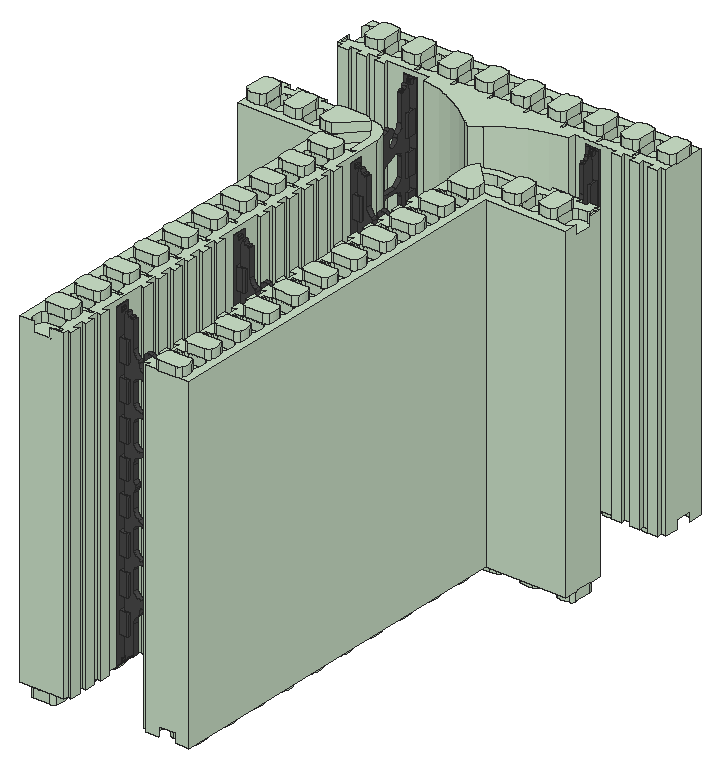
Revit family (continued)
Definition of nested family "NUDURA Diamond Pattern"
  Lines and regions (mm)
    model lines
      curve 84: arc (85.183, -142.875, 254.385) -> (82.394, -142.875, 247.65) -> (85.183, -142.875, 240.915) r 9.525
      curve 85: line (93.906, -142.875, 263.108) -> (85.183, -142.875, 254.385)
      curve 86: arc (105.934, -142.875, 261.665) -> (101.444, -142.875, 263.525) -> (96.953, -142.875, 261.665) r 6.35
      curve 87: line (96.953, -142.875, 261.665) -> (87.428, -142.875, 252.14)
      curve 88: arc (87.428, -142.875, 252.14) -> (85.569, -142.875, 247.65) -> (87.428, -142.875, 243.16) r 6.35
      curve 89: line (87.428, -142.875, 243.16) -> (96.953, -142.875, 233.635)
      curve 90: arc (96.953, -142.875, 233.635) -> (101.444, -142.875, 231.775) -> (105.934, -142.875, 233.635) r 6.35
      curve 91: line (105.934, -142.875, 233.635) -> (115.459, -142.875, 243.16)
      curve 92: arc (115.459, -142.875, 243.16) -> (117.319, -142.875, 247.65) -> (115.459, -142.875, 252.14) r 6.35
      curve 93: line (115.459, -142.875, 252.14) -> (105.934, -142.875, 261.665)
      curve 94: arc (93.906, -142.875, 225.008) -> (95.394, -142.875, 228.6) -> (93.906, -142.875, 232.192) r 5.08
      curve 95: line (117.704, -142.875, 216.285) -> (108.981, -142.875, 225.008)
      curve 96: arc (117.704, -142.875, 202.815) -> (120.494, -142.875, 209.55) -> (117.704, -142.875, 216.285) r 9.525
      curve 97: line (108.981, -142.875, 194.092) -> (117.704, -142.875, 202.815)
      curve 98: line (85.183, -142.875, 202.815) -> (93.906, -142.875, 194.092)
      curve 99: arc (85.183, -142.875, 216.285) -> (82.394, -142.875, 209.55) -> (85.183, -142.875, 202.815) r 9.525
      curve 100: line (93.906, -142.875, 225.008) -> (85.183, -142.875, 216.285)
      curve 101: arc (105.934, -142.875, 223.565) -> (101.444, -142.875, 225.425) -> (96.953, -142.875, 223.565) r 6.35
      curve 102: line (96.953, -142.875, 223.565) -> (87.428, -142.875, 214.04)
      curve 103: arc (87.428, -142.875, 214.04) -> (85.569, -142.875, 209.55) -> (87.428, -142.875, 205.06) r 6.35
      curve 104: line (87.428, -142.875, 205.06) -> (96.953, -142.875, 195.535)
      curve 105: arc (96.953, -142.875, 195.535) -> (101.444, -142.875, 193.675) -> (105.934, -142.875, 195.535) r 6.35
      curve 106: line (105.934, -142.875, 195.535) -> (115.459, -142.875, 205.06)
      curve 107: arc (115.459, -142.875, 205.06) -> (117.319, -142.875, 209.55) -> (115.459, -142.875, 214.04) r 6.35
      curve 108: line (115.459, -142.875, 214.04) -> (105.934, -142.875, 223.565)
      curve 109: arc (93.906, -142.875, 186.908) -> (95.394, -142.875, 190.5) -> (93.906, -142.875, 194.092) r 5.08
      curve 110: line (117.704, -142.875, 178.185) -> (108.981, -142.875, 186.908)
      curve 111: arc (117.704, -142.875, 164.715) -> (120.494, -142.875, 171.45) -> (117.704, -142.875, 178.185) r 9.525
      curve 112: line (108.981, -142.875, 155.992) -> (117.704, -142.875, 164.715)
      curve 113: line (85.183, -142.875, 164.715) -> (93.906, -142.875, 155.992)
      curve 114: arc (85.183, -142.875, 178.185) -> (82.394, -142.875, 171.45) -> (85.183, -142.875, 164.715) r 9.525
      curve 115: line (93.906, -142.875, 186.908) -> (85.183, -142.875, 178.185)
      curve 116: arc (105.934, -142.875, 185.465) -> (101.444, -142.875, 187.325) -> (96.953, -142.875, 185.465) r 6.35
      curve 117: line (96.953, -142.875, 185.465) -> (87.428, -142.875, 175.94)
      curve 118: arc (87.428, -142.875, 175.94) -> (85.569, -142.875, 171.45) -> (87.428, -142.875, 166.96) r 6.35
      curve 119: line (87.428, -142.875, 166.96) -> (96.953, -142.875, 157.435)
      curve 120: arc (96.953, -142.875, 157.435) -> (101.444, -142.875, 155.575) -> (105.934, -142.875, 157.435) r 6.35
      curve 121: line (105.934, -142.875, 157.435) -> (115.459, -142.875, 166.96)
      curve 122: arc (115.459, -142.875, 166.96) -> (117.319, -142.875, 171.45) -> (115.459, -142.875, 175.94) r 6.35
      curve 123: line (115.459, -142.875, 175.94) -> (105.934, -142.875, 185.465)
      curve 124: arc (93.906, -142.875, 148.808) -> (95.394, -142.875, 152.4) -> (93.906, -142.875, 155.992) r 5.08
      curve 125: line (117.704, -142.875, 140.085) -> (108.981, -142.875, 148.808)
      curve 126: arc (117.704, -142.875, 126.615) -> (120.494, -142.875, 133.35) -> (117.704, -142.875, 140.085) r 9.525
      curve 127: line (108.981, -142.875, 117.892) -> (117.704, -142.875, 126.615)
      curve 128: line (85.183, -142.875, 126.615) -> (93.906, -142.875, 117.892)
      curve 129: arc (85.183, -142.875, 140.085) -> (82.394, -142.875, 133.35) -> (85.183, -142.875, 126.615) r 9.525
      curve 130: line (93.906, -142.875, 148.808) -> (85.183, -142.875, 140.085)
      curve 131: arc (105.934, -142.875, 147.365) -> (101.444, -142.875, 149.225) -> (96.953, -142.875, 147.365) r 6.35
      curve 132: line (96.953, -142.875, 147.365) -> (87.428, -142.875, 137.84)
      curve 133: arc (87.428, -142.875, 137.84) -> (85.569, -142.875, 133.35) -> (87.428, -142.875, 128.86) r 6.35
      curve 134: line (87.428, -142.875, 128.86) -> (96.953, -142.875, 119.335)
      curve 135: arc (96.953, -142.875, 119.335) -> (101.444, -142.875, 117.475) -> (105.934, -142.875, 119.335) r 6.35
      curve 136: line (105.934, -142.875, 119.335) -> (115.459, -142.875, 128.86)
      curve 137: arc (115.459, -142.875, 128.86) -> (117.319, -142.875, 133.35) -> (115.459, -142.875, 137.84) r 6.35
      curve 138: line (115.459, -142.875, 137.84) -> (105.934, -142.875, 147.365)
      curve 139: arc (93.906, -142.875, 110.708) -> (95.394, -142.875, 114.3) -> (93.906, -142.875, 117.892) r 5.08
      curve 140: line (117.704, -142.875, 101.985) -> (108.981, -142.875, 110.708)
      curve 141: arc (117.704, -142.875, 88.515) -> (120.494, -142.875, 95.25) -> (117.704, -142.875, 101.985) r 9.525
      curve 142: line (108.981, -142.875, 79.792) -> (117.704, -142.875, 88.515)
      curve 143: line (85.183, -142.875, 88.515) -> (93.906, -142.875, 79.792)
      curve 144: arc (85.183, -142.875, 101.985) -> (82.394, -142.875, 95.25) -> (85.183, -142.875, 88.515) r 9.525
      curve 145: line (93.906, -142.875, 110.708) -> (85.183, -142.875, 101.985)
      curve 146: arc (105.934, -142.875, 109.265) -> (101.444, -142.875, 111.125) -> (96.953, -142.875, 109.265) r 6.35
      curve 147: line (96.953, -142.875, 109.265) -> (87.428, -142.875, 99.74)
      curve 148: arc (87.428, -142.875, 99.74) -> (85.569, -142.875, 95.25) -> (87.428, -142.875, 90.76) r 6.35
      curve 149: line (87.428, -142.875, 90.76) -> (96.953, -142.875, 81.235)
      curve 150: arc (96.953, -142.875, 81.235) -> (101.444, -142.875, 79.375) -> (105.934, -142.875, 81.235) r 6.35
      curve 151: line (105.934, -142.875, 81.235) -> (115.459, -142.875, 90.76)
      curve 152: arc (115.459, -142.875, 90.76) -> (117.319, -142.875, 95.25) -> (115.459, -142.875, 99.74) r 6.35
      curve 153: line (115.459, -142.875, 99.74) -> (105.934, -142.875, 109.265)
      curve 154: arc (93.906, -142.875, 72.608) -> (95.394, -142.875, 76.2) -> (93.906, -142.875, 79.792) r 5.08
      curve 155: line (117.704, -142.875, 63.885) -> (108.981, -142.875, 72.608)
      curve 156: arc (117.704, -142.875, 50.415) -> (120.494, -142.875, 57.15) -> (117.704, -142.875, 63.885) r 9.525
      curve 157: line (108.981, -142.875, 41.692) -> (117.704, -142.875, 50.415)
      curve 158: line (85.183, -142.875, 50.415) -> (93.906, -142.875, 41.692)
      curve 159: arc (85.183, -142.875, 63.885) -> (82.394, -142.875, 57.15) -> (85.183, -142.875, 50.415) r 9.525
      curve 160: line (93.906, -142.875, 72.608) -> (85.183, -142.875, 63.885)
      curve 161: arc (105.934, -142.875, 71.165) -> (101.444, -142.875, 73.025) -> (96.953, -142.875, 71.165) r 6.35
      curve 162: line (96.953, -142.875, 71.165) -> (87.428, -142.875, 61.64)
      curve 163: arc (87.428, -142.875, 61.64) -> (85.569, -142.875, 57.15) -> (87.428, -142.875, 52.66) r 6.35
      curve 164: line (87.428, -142.875, 52.66) -> (96.953, -142.875, 43.135)
      curve 165: arc (96.953, -142.875, 43.135) -> (101.444, -142.875, 41.275) -> (105.934, -142.875, 43.135) r 6.35
      curve 166: line (105.934, -142.875, 43.135) -> (115.459, -142.875, 52.66)
      curve 167: arc (115.459, -142.875, 52.66) -> (117.319, -142.875, 57.15) -> (115.459, -142.875, 61.64) r 6.35
      curve 168: line (115.459, -142.875, 61.64) -> (105.934, -142.875, 71.165)
      curve 169: arc (93.906, -142.875, 34.508) -> (95.394, -142.875, 38.1) -> (93.906, -142.875, 41.692) r 5.08
      curve 170: line (93.906, -142.875, 34.508) -> (85.183, -142.875, 25.785)
      curve 171: arc (85.183, -142.875, 25.785) -> (82.394, -142.875, 19.05) -> (85.183, -142.875, 12.315) r 9.525
      curve 172: line (85.183, -142.875, 12.315) -> (94.708, -142.875, 2.79)
      curve 173: arc (94.708, -142.875, 2.79) -> (101.444, -142.875, 0) -> (108.179, -142.875, 2.79) r 9.525
      curve 174: line (108.179, -142.875, 2.79) -> (117.704, -142.875, 12.315)
      curve 175: arc (117.704, -142.875, 12.315) -> (120.494, -142.875, 19.05) -> (117.704, -142.875, 25.785) r 9.525
      curve 176: line (117.704, -142.875, 25.785) -> (108.981, -142.875, 34.508)
      curve 177: arc (108.981, -142.875, 41.692) -> (107.493, -142.875, 38.1) -> (108.981, -142.875, 34.508) r 5.08
      curve 178: arc (105.934, -142.875, 33.065) -> (101.444, -142.875, 34.925) -> (96.953, -142.875, 33.065) r 6.35
      curve 179: line (115.459, -142.875, 23.54) -> (105.934, -142.875, 33.065)
      curve 180: arc (115.459, -142.875, 14.56) -> (117.319, -142.875, 19.05) -> (115.459, -142.875, 23.54) r 6.35
      curve 181: line (105.934, -142.875, 5.035) -> (115.459, -142.875, 14.56)
      curve 182: arc (96.953, -142.875, 5.035) -> (101.444, -142.875, 3.175) -> (105.934, -142.875, 5.035) r 6.35
      curve 183: line (87.428, -142.875, 14.56) -> (96.953, -142.875, 5.035)
      curve 184: arc (87.428, -142.875, 23.54) -> (85.569, -142.875, 19.05) -> (87.428, -142.875, 14.56) r 6.35
      curve 185: line (96.953, -142.875, 33.065) -> (87.428, -142.875, 23.54)
      curve 186: arc (108.981, -142.875, 79.792) -> (107.493, -142.875, 76.2) -> (108.981, -142.875, 72.608) r 5.08
      curve 187: arc (108.981, -142.875, 117.892) -> (107.493, -142.875, 114.3) -> (108.981, -142.875, 110.708) r 5.08
      curve 188: arc (108.981, -142.875, 155.992) -> (107.493, -142.875, 152.4) -> (108.981, -142.875, 148.808) r 5.08
      curve 189: arc (108.981, -142.875, 194.092) -> (107.493, -142.875, 190.5) -> (108.981, -142.875, 186.908) r 5.08
      curve 190: arc (108.981, -142.875, 232.192) -> (107.493, -142.875, 228.6) -> (108.981, -142.875, 225.008) r 5.08
      curve 191: arc (108.981, -142.875, 270.292) -> (107.493, -142.875, 266.7) -> (108.981, -142.875, 263.108) r 5.08
      curve 192: arc (108.981, -142.875, 308.392) -> (107.493, -142.875, 304.8) -> (108.981, -142.875, 301.208) r 5.08
      curve 193: arc (108.981, -142.875, 346.492) -> (107.493, -142.875, 342.9) -> (108.981, -142.875, 339.308) r 5.08
      curve 194: arc (108.981, -142.875, 384.592) -> (107.493, -142.875, 381) -> (108.981, -142.875, 377.408) r 5.08
      curve 195: arc (108.981, -142.875, 422.692) -> (107.493, -142.875, 419.1) -> (108.981, -142.875, 415.508) r 5.08
Definition of nested family "NUDURA Logo Diamond"
  Reference planes
    plane 1 "Center (Front/Back)": y = 0
    plane 2: z = 0
    plane 3 "Center (Left/Right)": x = 0
  Lines and regions (mm)
    model lines
      curve 1: line (320.001, 0, 444.526) -> (311.021, 0, 453.507)
      curve 2: line (313.973, 0, 425.925) -> (320.001, 0, 431.954)
      curve 3: line (320.001, 0, 406.426) -> (313.973, 0, 412.455)
      curve 4: line (313.973, 0, 387.825) -> (320.001, 0, 393.854)
      curve 5: line (320.001, 0, 368.326) -> (313.973, 0, 374.355)
      curve 6: line (313.973, 0, 349.725) -> (320.001, 0, 355.754)
      curve 7: line (309.225, 0, 337.411) -> (322.887, 0, 323.749)
      curve 8: line (322.887, 0, 323.749) -> (324.683, 0, 325.545)
      curve 9: line (286.583, 0, 323.749) -> (300.245, 0, 337.411)
      curve 10: line (295.497, 0, 336.255) -> (284.787, 0, 325.545)
      curve 11: line (289.468, 0, 355.754) -> (295.497, 0, 349.725)
      curve 12: line (295.497, 0, 374.355) -> (289.468, 0, 368.326)
      curve 13: line (289.468, 0, 393.854) -> (295.497, 0, 387.825)
      curve 14: line (295.497, 0, 412.455) -> (289.468, 0, 406.426)
      curve 15: line (289.468, 0, 431.954) -> (295.497, 0, 425.925)
      curve 16: line (298.449, 0, 453.507) -> (289.468, 0, 444.526)
      curve 17: line (300.245, 0, 451.711) -> (291.265, 0, 442.73)
      curve 18: line (318.205, 0, 442.73) -> (309.225, 0, 451.711)
      curve 19: line (309.225, 0, 424.77) -> (318.205, 0, 433.75)
      curve 20: line (291.265, 0, 433.75) -> (300.245, 0, 424.77)
      curve 21: arc (289.468, 0, 444.526) -> (286.865, 0, 438.24) -> (289.468, 0, 431.954) r 8.89
      curve 22: arc (298.449, 0, 453.507) -> (304.735, 0, 456.111) -> (311.021, 0, 453.507) r 8.89
      curve 23: arc (291.265, 0, 442.73) -> (289.405, 0, 438.24) -> (291.265, 0, 433.75) r 6.35
      curve 24: arc (318.205, 0, 442.73) -> (320.065, 0, 438.24) -> (318.205, 0, 433.75) r 6.35
      curve 25: arc (309.225, 0, 424.77) -> (304.735, 0, 422.91) -> (300.245, 0, 424.77) r 6.35
      curve 26: arc (300.245, 0, 451.711) -> (304.735, 0, 453.571) -> (309.225, 0, 451.711) r 6.35
      curve 27: arc (320.001, 0, 444.526) -> (322.605, 0, 438.24) -> (320.001, 0, 431.954) r 8.89
      curve 28: arc (295.497, 0, 425.925) -> (298.287, 0, 419.19) -> (295.497, 0, 412.455) r 9.525
      curve 29: arc (313.973, 0, 425.925) -> (311.183, 0, 419.19) -> (313.973, 0, 412.455) r 9.525
      curve 30: line (313.973, 0, 387.825) -> (320.001, 0, 393.854)
      curve 31: line (289.468, 0, 393.854) -> (295.497, 0, 387.825)
      curve 32: line (300.245, 0, 413.611) -> (291.265, 0, 404.63)
      curve 33: line (318.205, 0, 404.63) -> (309.225, 0, 413.611)
      curve 34: line (309.225, 0, 386.67) -> (318.205, 0, 395.65)
      curve 35: line (291.265, 0, 395.65) -> (300.245, 0, 386.67)
      curve 36: arc (289.468, 0, 406.426) -> (286.865, 0, 400.14) -> (289.468, 0, 393.854) r 8.89
      curve 37: arc (291.265, 0, 404.63) -> (289.405, 0, 400.14) -> (291.265, 0, 395.65) r 6.35
      curve 38: arc (318.205, 0, 404.63) -> (320.065, 0, 400.14) -> (318.205, 0, 395.65) r 6.35
      curve 39: arc (309.225, 0, 386.67) -> (304.735, 0, 384.81) -> (300.245, 0, 386.67) r 6.35
      curve 40: arc (300.245, 0, 413.611) -> (304.735, 0, 415.471) -> (309.225, 0, 413.611) r 6.35
      curve 41: arc (320.001, 0, 406.426) -> (322.605, 0, 400.14) -> (320.001, 0, 393.854) r 8.89
      curve 42: line (295.497, 0, 412.455) -> (289.468, 0, 406.426)
      curve 43: line (320.001, 0, 406.426) -> (313.973, 0, 412.455)
      curve 44: arc (295.497, 0, 387.825) -> (298.287, 0, 381.09) -> (295.497, 0, 374.355) r 9.525
      curve 45: arc (313.973, 0, 387.825) -> (311.183, 0, 381.09) -> (313.973, 0, 374.355) r 9.525
      curve 46: line (313.973, 0, 349.725) -> (320.001, 0, 355.754)
      curve 47: line (289.468, 0, 355.754) -> (295.497, 0, 349.725)
      curve 48: line (300.245, 0, 375.511) -> (291.265, 0, 366.53)
      curve 49: line (318.205, 0, 366.53) -> (309.225, 0, 375.511)
      curve 50: line (309.225, 0, 348.57) -> (318.205, 0, 357.55)
      curve 51: line (291.265, 0, 357.55) -> (300.245, 0, 348.57)
      curve 52: arc (289.468, 0, 368.326) -> (286.865, 0, 362.04) -> (289.468, 0, 355.754) r 8.89
      curve 53: arc (291.265, 0, 366.53) -> (289.405, 0, 362.04) -> (291.265, 0, 357.55) r 6.35
      curve 54: arc (318.205, 0, 366.53) -> (320.065, 0, 362.04) -> (318.205, 0, 357.55) r 6.35
      curve 55: arc (309.225, 0, 348.57) -> (304.735, 0, 346.71) -> (300.245, 0, 348.57) r 6.35
      curve 56: arc (300.245, 0, 375.511) -> (304.735, 0, 377.371) -> (309.225, 0, 375.511) r 6.35
      curve 57: arc (320.001, 0, 368.326) -> (322.605, 0, 362.04) -> (320.001, 0, 355.754) r 8.89
      curve 58: line (295.497, 0, 374.355) -> (289.468, 0, 368.326)
      curve 59: arc (295.497, 0, 349.725) -> (298.287, 0, 342.99) -> (295.497, 0, 336.255) r 9.525
      curve 60: arc (313.973, 0, 349.725) -> (311.183, 0, 342.99) -> (313.973, 0, 336.255) r 9.525
      curve 61: line (324.683, 0, 325.545) -> (313.973, 0, 336.255)
      curve 62: line (284.787, 0, 325.545) -> (286.583, 0, 323.749)
      curve 63: arc (300.245, 0, 337.411) -> (304.735, 0, 339.271) -> (309.225, 0, 337.411) r 6.35
      curve 64: line (320.001, 0, 12.854) -> (311.021, 0, 3.874)
      curve 65: line (313.973, 0, 31.455) -> (320.001, 0, 25.426)
      curve 66: line (320.001, 0, 50.954) -> (313.973, 0, 44.925)
      curve 67: line (313.973, 0, 69.555) -> (320.001, 0, 63.526)
      curve 68: line (320.001, 0, 89.054) -> (313.973, 0, 83.025)
      curve 69: line (313.973, 0, 107.655) -> (320.001, 0, 101.626)
      curve 70: line (309.225, 0, 119.97) -> (322.887, 0, 133.632)
      curve 71: line (322.887, 0, 133.632) -> (324.683, 0, 131.836)
      curve 72: line (286.583, 0, 133.632) -> (300.245, 0, 119.97)
      curve 73: line (295.497, 0, 121.125) -> (284.787, 0, 131.836)
      curve 74: line (289.468, 0, 101.626) -> (295.497, 0, 107.655)
      curve 75: line (295.497, 0, 83.025) -> (289.468, 0, 89.054)
      curve 76: line (289.468, 0, 63.526) -> (295.497, 0, 69.555)
      curve 77: line (295.497, 0, 44.925) -> (289.468, 0, 50.954)
      curve 78: line (289.468, 0, 25.426) -> (295.497, 0, 31.455)
      curve 79: line (298.449, 0, 3.874) -> (289.468, 0, 12.854)
      curve 80: line (300.245, 0, 5.67) -> (291.265, 0, 14.65)
      curve 81: line (318.205, 0, 14.65) -> (309.225, 0, 5.67)
      curve 82: line (309.225, 0, 32.611) -> (318.205, 0, 23.63)
      curve 83: line (291.265, 0, 23.63) -> (300.245, 0, 32.611)
      curve 84: arc (289.468, 0, 12.854) -> (286.865, 0, 19.14) -> (289.468, 0, 25.426) r 8.89
      curve 85: arc (298.449, 0, 3.874) -> (304.735, 0, 1.27) -> (311.021, 0, 3.874) r 8.89
      curve 86: arc (291.265, 0, 14.65) -> (289.405, 0, 19.14) -> (291.265, 0, 23.63) r 6.35
      curve 87: arc (318.205, 0, 14.65) -> (320.065, 0, 19.14) -> (318.205, 0, 23.63) r 6.35
      curve 88: arc (309.225, 0, 32.611) -> (304.735, 0, 34.471) -> (300.245, 0, 32.611) r 6.35
      curve 89: arc (300.245, 0, 5.67) -> (304.735, 0, 3.81) -> (309.225, 0, 5.67) r 6.35
      curve 90: arc (320.001, 0, 12.854) -> (322.605, 0, 19.14) -> (320.001, 0, 25.426) r 8.89
      curve 91: arc (295.497, 0, 31.455) -> (298.287, 0, 38.19) -> (295.497, 0, 44.925) r 9.525
      curve 92: arc (313.973, 0, 31.455) -> (311.183, 0, 38.19) -> (313.973, 0, 44.925) r 9.525
      curve 93: line (313.973, 0, 69.555) -> (320.001, 0, 63.526)
      curve 94: line (289.468, 0, 63.526) -> (295.497, 0, 69.555)
      curve 95: line (300.245, 0, 43.77) -> (291.265, 0, 52.75)
      curve 96: line (318.205, 0, 52.75) -> (309.225, 0, 43.77)
      curve 97: line (309.225, 0, 70.711) -> (318.205, 0, 61.73)
      curve 98: line (291.265, 0, 61.73) -> (300.245, 0, 70.711)
      curve 99: arc (289.468, 0, 50.954) -> (286.865, 0, 57.24) -> (289.468, 0, 63.526) r 8.89
      curve 100: arc (291.265, 0, 52.75) -> (289.405, 0, 57.24) -> (291.265, 0, 61.73) r 6.35
      curve 101: arc (318.205, 0, 52.75) -> (320.065, 0, 57.24) -> (318.205, 0, 61.73) r 6.35
      curve 102: arc (309.225, 0, 70.711) -> (304.735, 0, 72.571) -> (300.245, 0, 70.711) r 6.35
      curve 103: arc (300.245, 0, 43.77) -> (304.735, 0, 41.91) -> (309.225, 0, 43.77) r 6.35
      curve 104: arc (320.001, 0, 50.954) -> (322.605, 0, 57.24) -> (320.001, 0, 63.526) r 8.89
      curve 105: line (295.497, 0, 44.925) -> (289.468, 0, 50.954)
      curve 106: line (320.001, 0, 50.954) -> (313.973, 0, 44.925)
      curve 107: arc (295.497, 0, 69.555) -> (298.287, 0, 76.29) -> (295.497, 0, 83.025) r 9.525
      curve 108: arc (313.973, 0, 69.555) -> (311.183, 0, 76.29) -> (313.973, 0, 83.025) r 9.525
      curve 109: line (313.973, 0, 107.655) -> (320.001, 0, 101.626)
      curve 110: line (289.468, 0, 101.626) -> (295.497, 0, 107.655)
      curve 111: line (300.245, 0, 81.87) -> (291.265, 0, 90.85)
      curve 112: line (318.205, 0, 90.85) -> (309.225, 0, 81.87)
      curve 113: line (309.225, 0, 108.811) -> (318.205, 0, 99.83)
      curve 114: line (291.265, 0, 99.83) -> (300.245, 0, 108.811)
      curve 115: arc (289.468, 0, 89.054) -> (286.865, 0, 95.34) -> (289.468, 0, 101.626) r 8.89
      curve 116: arc (291.265, 0, 90.85) -> (289.405, 0, 95.34) -> (291.265, 0, 99.83) r 6.35
      curve 117: arc (318.205, 0, 90.85) -> (320.065, 0, 95.34) -> (318.205, 0, 99.83) r 6.35
      curve 118: arc (309.225, 0, 108.811) -> (304.735, 0, 110.671) -> (300.245, 0, 108.811) r 6.35
      curve 119: arc (300.245, 0, 81.87) -> (304.735, 0, 80.01) -> (309.225, 0, 81.87) r 6.35
      curve 120: arc (320.001, 0, 89.054) -> (322.605, 0, 95.34) -> (320.001, 0, 101.626) r 8.89
      curve 121: line (295.497, 0, 83.025) -> (289.468, 0, 89.054)
      curve 122: arc (295.497, 0, 107.655) -> (298.287, 0, 114.39) -> (295.497, 0, 121.125) r 9.525
      curve 123: arc (313.973, 0, 107.655) -> (311.183, 0, 114.39) -> (313.973, 0, 121.125) r 9.525
      curve 124: line (324.683, 0, 131.836) -> (313.973, 0, 121.125)
      curve 125: line (284.787, 0, 131.836) -> (286.583, 0, 133.632)
      curve 126: arc (300.245, 0, 119.97) -> (304.735, 0, 118.11) -> (309.225, 0, 119.97) r 6.35
      curve 127: line (314.26, 0, 317.59) -> (295.21, 0, 317.59)
      curve 128: line (323.785, 0, 149.315) -> (323.785, 0, 308.065)
      curve 129: line (285.685, 0, 308.065) -> (285.685, 0, 149.315)
      curve 130: line (295.21, 0, 139.79) -> (314.26, 0, 139.79)
      curve 131: line (316.797, 0, 304.89) -> (305.798, 0, 311.24)
      curve 132: line (316.797, 0, 292.19) -> (316.797, 0, 304.89)
      curve 133: line (311.298, 0, 289.015) -> (316.797, 0, 292.19)
      curve 134: line (305.373, 0, 292.436) -> (311.298, 0, 289.015)
      curve 135: line (310.447, 0, 295.365) -> (305.373, 0, 292.436)
      curve 136: line (299.874, 0, 307.82) -> (310.447, 0, 301.715)
      curve 137: line (310.447, 0, 301.715) -> (310.447, 0, 295.365)
      curve 138: line (305.798, 0, 311.24) -> (299.874, 0, 307.82)
      curve 139: line (299.023, 0, 295.611) -> (304.097, 0, 298.54)
      curve 140: line (304.097, 0, 298.54) -> (298.172, 0, 301.961)
      curve 141: line (298.172, 0, 301.961) -> (292.673, 0, 298.786)
      curve 142: line (292.673, 0, 298.786) -> (292.673, 0, 286.086)
      curve 143: line (299.023, 0, 289.261) -> (299.023, 0, 295.611)
      curve 144: line (309.596, 0, 283.156) -> (299.023, 0, 289.261)
      curve 145: line (303.671, 0, 279.736) -> (309.596, 0, 283.156)
      curve 146: line (292.673, 0, 286.086) -> (303.671, 0, 279.736)
      curve 147: line (312.702, 0, 269.344) -> (296.768, 0, 272.912)
      curve 148: line (296.768, 0, 272.912) -> (296.768, 0, 267.036)
      curve 149: line (296.768, 0, 267.036) -> (308.089, 0, 264.517)
      curve 150: line (308.089, 0, 264.517) -> (296.768, 0, 260.949)
      curve 151: line (296.768, 0, 260.949) -> (296.768, 0, 251.084)
      curve 152: line (296.768, 0, 251.084) -> (309.138, 0, 248.314)
      curve 153: line (309.138, 0, 248.314) -> (309.138, 0, 247.516)
      curve 154: line (309.138, 0, 247.516) -> (301.281, 0, 248.991)
      curve 155: line (296.768, 0, 245.246) -> (296.768, 0, 237.71)
      curve 156: line (306.598, 0, 222.094) -> (306.598, 0, 228.599)
      curve 157: line (306.598, 0, 228.599) -> (296.768, 0, 230.786)
      curve 158: line (296.768, 0, 230.786) -> (296.768, 0, 215.343)
      curve 159: line (302.723, 0, 230.274) -> (312.702, 0, 228.039)
      curve 160: line (300.341, 0, 217.291) -> (300.341, 0, 223.486)
      curve 161: line (300.341, 0, 223.486) -> (306.598, 0, 222.094)
      curve 162: line (296.768, 0, 205.027) -> (296.768, 0, 197.49)
      curve 163: line (302.723, 0, 190.055) -> (310.162, 0, 188.389)
      curve 164: line (310.162, 0, 188.389) -> (310.162, 0, 176.633)
      curve 165: line (308.892, 0, 175.363) -> (307.868, 0, 175.363)
      curve 166: line (306.598, 0, 176.633) -> (306.598, 0, 180.004)
      curve 167: line (306.598, 0, 180.004) -> (307.868, 0, 179.719)
      curve 168: line (307.868, 0, 179.719) -> (307.868, 0, 186.3)
      curve 169: line (307.868, 0, 186.3) -> (296.768, 0, 188.785)
      curve 170: line (296.768, 0, 188.785) -> (296.768, 0, 182.205)
      curve 171: line (296.768, 0, 182.205) -> (304.058, 0, 180.572)
      curve 172: line (304.058, 0, 180.572) -> (304.058, 0, 177.654)
      curve 173: line (302.788, 0, 176.384) -> (296.768, 0, 176.384)
      curve 174: line (296.768, 0, 176.384) -> (296.768, 0, 164.003)
      curve 175: line (296.768, 0, 164.003) -> (299.284, 0, 162.219)
      curve 176: line (299.284, 0, 162.219) -> (299.284, 0, 153.715)
      curve 177: line (307.942, 0, 156.079) -> (301.824, 0, 160.418)
      curve 178: line (301.824, 0, 160.418) -> (301.824, 0, 154.409)
      curve 179: line (301.824, 0, 154.409) -> (307.942, 0, 156.079)
      curve 180: line (299.284, 0, 153.715) -> (296.768, 0, 153.028)
      curve 181: line (296.768, 0, 153.028) -> (296.768, 0, 146.14)
      curve 182: line (296.768, 0, 146.14) -> (312.702, 0, 150.491)
      curve 183: line (312.702, 0, 150.491) -> (312.702, 0, 159.713)
      curve 184: line (312.702, 0, 159.713) -> (298.767, 0, 169.594)
      curve 185: line (298.767, 0, 169.594) -> (302.342, 0, 169.594)
      curve 186: line (312.702, 0, 172.383) -> (312.702, 0, 193.945)
      curve 187: line (312.702, 0, 193.945) -> (302.326, 0, 196.268)
      curve 188: line (300.341, 0, 198.747) -> (300.341, 0, 201.381)
      curve 189: line (301.888, 0, 202.62) -> (312.702, 0, 200.199)
      curve 190: line (312.702, 0, 200.199) -> (312.702, 0, 206.628)
      curve 191: line (312.702, 0, 206.628) -> (306.843, 0, 207.728)
      curve 192: line (312.702, 0, 212.942) -> (312.702, 0, 227.241)
      curve 193: line (312.702, 0, 227.241) -> (309.138, 0, 228.034)
      curve 194: line (309.138, 0, 228.034) -> (309.138, 0, 217.291)
      curve 195: line (312.702, 0, 228.039) -> (312.702, 0, 234.164)
      curve 196: line (312.702, 0, 234.164) -> (302.326, 0, 236.488)
      curve 197: line (300.341, 0, 238.966) -> (300.341, 0, 241.6)
      curve 198: line (301.736, 0, 242.874) -> (312.702, 0, 240.418)
      curve 199: line (312.702, 0, 240.418) -> (312.702, 0, 253.611)
      curve 200: line (312.702, 0, 253.611) -> (302.429, 0, 255.912)
      curve 201: line (302.429, 0, 255.912) -> (312.702, 0, 259.27)
      curve 202: line (312.702, 0, 259.27) -> (312.702, 0, 269.344)
      curve 203: arc (296.768, 0, 245.246) -> (298.145, 0, 248.178) -> (301.281, 0, 248.991) r 3.81
      curve 204: arc (296.768, 0, 237.71) -> (298.44, 0, 232.946) -> (302.723, 0, 230.274) r 7.62
      curve 205: arc (300.842, 0, 208.826) -> (297.87, 0, 211.5) -> (296.768, 0, 215.343) r 7.251
      curve 206: arc (296.768, 0, 205.027) -> (297.979, 0, 207.812) -> (300.842, 0, 208.826) r 3.808
      curve 207: arc (296.768, 0, 197.49) -> (298.44, 0, 192.727) -> (302.723, 0, 190.055) r 7.62
      curve 208: arc (300.341, 0, 198.747) -> (300.898, 0, 197.159) -> (302.326, 0, 196.268) r 2.54
      curve 209: arc (300.341, 0, 201.381) -> (300.817, 0, 202.372) -> (301.888, 0, 202.62) r 1.27
      curve 210: arc (307.868, 0, 175.363) -> (306.969, 0, 175.735) -> (306.598, 0, 176.633) r 1.27
      curve 211: arc (308.892, 0, 175.363) -> (309.79, 0, 175.735) -> (310.162, 0, 176.633) r 1.27
      curve 212: arc (304.058, 0, 177.654) -> (303.686, 0, 176.756) -> (302.788, 0, 176.384) r 1.27
      curve 213: arc (302.342, 0, 169.594) -> (303.976, 0, 170.198) -> (304.826, 0, 171.718) r 2.516
      curve 214: arc (304.826, 0, 171.718) -> (309.07, 0, 168.432) -> (312.702, 0, 172.383) r 3.966
      curve 215: arc (306.843, 0, 207.728) -> (310.942, 0, 209.02) -> (312.702, 0, 212.942) r 5.249
      curve 216: arc (300.341, 0, 217.291) -> (304.739, 0, 212.893) -> (309.138, 0, 217.291) r 4.398
      curve 217: arc (300.341, 0, 238.966) -> (300.898, 0, 237.378) -> (302.326, 0, 236.488) r 2.54
      curve 218: arc (300.341, 0, 241.6) -> (300.886, 0, 242.648) -> (302.057, 0, 242.802) r 1.279
      curve 219: arc (285.685, 0, 308.065) -> (288.475, 0, 314.8) -> (295.21, 0, 317.59) r 9.525
      curve 220: arc (314.26, 0, 317.59) -> (320.995, 0, 314.8) -> (323.785, 0, 308.065) r 9.525
      curve 221: arc (285.685, 0, 149.315) -> (288.475, 0, 142.58) -> (295.21, 0, 139.79) r 9.525
      curve 222: arc (314.26, 0, 139.79) -> (320.995, 0, 142.58) -> (323.785, 0, 149.315) r 9.525
      curve 223: line (253.935, 0, 457.2) -> (253.935, 0, 0)
      curve 224: line (355.535, 0, 457.2) -> (355.535, 0, 0)
      curve 225: line (406.335, 0, 457.2) -> (406.335, 0, 0)
Definition of nested family "NUDURA Diamond Pattern Missing Two Lines"
  Reference planes
    plane 1 "Center (Front/Back)": y = 0
    plane 2: z = 0
    plane 3 "Center (Left/Right)": x = 0
    plane 4: z = 457.2
  Lines and regions (mm)
    model lines
      curve 1: line (50.8, -142.875, 457.2) -> (50.8, -142.875, 0)
      curve 2: line (85.183, -142.875, 431.415) -> (93.906, -142.875, 422.692)
      curve 3: arc (85.183, -142.875, 444.885) -> (82.394, -142.875, 438.15) -> (85.183, -142.875, 431.415) r 9.525
      curve 4: line (94.708, -142.875, 454.41) -> (85.183, -142.875, 444.885)
      curve 5: arc (108.179, -142.875, 454.41) -> (101.444, -142.875, 457.2) -> (94.708, -142.875, 454.41) r 9.525
      curve 6: line (117.704, -142.875, 444.885) -> (108.179, -142.875, 454.41)
      curve 7: arc (117.704, -142.875, 431.415) -> (120.494, -142.875, 438.15) -> (117.704, -142.875, 444.885) r 9.525
      curve 8: line (108.981, -142.875, 422.692) -> (117.704, -142.875, 431.415)
      curve 9: arc (105.934, -142.875, 452.165) -> (101.444, -142.875, 454.025) -> (96.953, -142.875, 452.165) r 6.35
      curve 10: line (115.459, -142.875, 442.64) -> (105.934, -142.875, 452.165)
      curve 11: arc (115.459, -142.875, 433.66) -> (117.319, -142.875, 438.15) -> (115.459, -142.875, 442.64) r 6.35
      curve 12: line (105.934, -142.875, 424.135) -> (115.459, -142.875, 433.66)
      curve 13: arc (96.953, -142.875, 424.135) -> (101.444, -142.875, 422.275) -> (105.934, -142.875, 424.135) r 6.35
      curve 14: line (87.428, -142.875, 433.66) -> (96.953, -142.875, 424.135)
      curve 15: arc (87.428, -142.875, 442.64) -> (85.569, -142.875, 438.15) -> (87.428, -142.875, 433.66) r 6.35
      curve 16: line (96.953, -142.875, 452.165) -> (87.428, -142.875, 442.64)
      curve 17: arc (93.906, -142.875, 415.508) -> (95.394, -142.875, 419.1) -> (93.906, -142.875, 422.692) r 5.08
      curve 18: line (117.704, -142.875, 406.785) -> (108.981, -142.875, 415.508)
      curve 19: arc (117.704, -142.875, 393.315) -> (120.494, -142.875, 400.05) -> (117.704, -142.875, 406.785) r 9.525
      curve 20: line (108.981, -142.875, 384.592) -> (117.704, -142.875, 393.315)
      curve 21: line (85.183, -142.875, 393.315) -> (93.906, -142.875, 384.592)
      curve 22: arc (85.183, -142.875, 406.785) -> (82.394, -142.875, 400.05) -> (85.183, -142.875, 393.315) r 9.525
      curve 23: line (93.906, -142.875, 415.508) -> (85.183, -142.875, 406.785)
      curve 24: arc (105.934, -142.875, 414.065) -> (101.444, -142.875, 415.925) -> (96.953, -142.875, 414.065) r 6.35
      curve 25: line (96.953, -142.875, 414.065) -> (87.428, -142.875, 404.54)
      curve 26: arc (87.428, -142.875, 404.54) -> (85.569, -142.875, 400.05) -> (87.428, -142.875, 395.56) r 6.35
      curve 27: line (87.428, -142.875, 395.56) -> (96.953, -142.875, 386.035)
      curve 28: arc (96.953, -142.875, 386.035) -> (101.444, -142.875, 384.175) -> (105.934, -142.875, 386.035) r 6.35
      curve 29: line (105.934, -142.875, 386.035) -> (115.459, -142.875, 395.56)
      curve 30: arc (115.459, -142.875, 395.56) -> (117.319, -142.875, 400.05) -> (115.459, -142.875, 404.54) r 6.35
      curve 31: line (115.459, -142.875, 404.54) -> (105.934, -142.875, 414.065)
      curve 32: arc (93.906, -142.875, 377.408) -> (95.394, -142.875, 381) -> (93.906, -142.875, 384.592) r 5.08
      curve 33: line (117.704, -142.875, 368.685) -> (108.981, -142.875, 377.408)
      curve 34: arc (117.704, -142.875, 355.215) -> (120.494, -142.875, 361.95) -> (117.704, -142.875, 368.685) r 9.525
      curve 35: line (108.981, -142.875, 346.492) -> (117.704, -142.875, 355.215)
      curve 36: line (85.183, -142.875, 355.215) -> (93.906, -142.875, 346.492)
      curve 37: arc (85.183, -142.875, 368.685) -> (82.394, -142.875, 361.95) -> (85.183, -142.875, 355.215) r 9.525
      curve 38: line (93.906, -142.875, 377.408) -> (85.183, -142.875, 368.685)
      curve 39: arc (105.934, -142.875, 375.965) -> (101.444, -142.875, 377.825) -> (96.953, -142.875, 375.965) r 6.35
      curve 40: line (96.953, -142.875, 375.965) -> (87.428, -142.875, 366.44)
      curve 41: arc (87.428, -142.875, 366.44) -> (85.569, -142.875, 361.95) -> (87.428, -142.875, 357.46) r 6.35
      curve 42: line (87.428, -142.875, 357.46) -> (96.953, -142.875, 347.935)
      curve 43: arc (96.953, -142.875, 347.935) -> (101.444, -142.875, 346.075) -> (105.934, -142.875, 347.935) r 6.35
      curve 44: line (105.934, -142.875, 347.935) -> (115.459, -142.875, 357.46)
      curve 45: arc (115.459, -142.875, 357.46) -> (117.319, -142.875, 361.95) -> (115.459, -142.875, 366.44) r 6.35
      curve 46: line (115.459, -142.875, 366.44) -> (105.934, -142.875, 375.965)
      curve 47: arc (93.906, -142.875, 339.308) -> (95.394, -142.875, 342.9) -> (93.906, -142.875, 346.492) r 5.08
      curve 48: line (117.704, -142.875, 330.585) -> (108.981, -142.875, 339.308)
      curve 49: arc (117.704, -142.875, 317.115) -> (120.494, -142.875, 323.85) -> (117.704, -142.875, 330.585) r 9.525
      curve 50: line (108.981, -142.875, 308.392) -> (117.704, -142.875, 317.115)
      curve 51: line (85.183, -142.875, 317.115) -> (93.906, -142.875, 308.392)
      curve 52: arc (85.183, -142.875, 330.585) -> (82.394, -142.875, 323.85) -> (85.183, -142.875, 317.115) r 9.525
      curve 53: line (93.906, -142.875, 339.308) -> (85.183, -142.875, 330.585)
      curve 54: arc (105.934, -142.875, 337.865) -> (101.444, -142.875, 339.725) -> (96.953, -142.875, 337.865) r 6.35
      curve 55: line (96.953, -142.875, 337.865) -> (87.428, -142.875, 328.34)
      curve 56: arc (87.428, -142.875, 328.34) -> (85.569, -142.875, 323.85) -> (87.428, -142.875, 319.36) r 6.35
      curve 57: line (87.428, -142.875, 319.36) -> (96.953, -142.875, 309.835)
      curve 58: arc (96.953, -142.875, 309.835) -> (101.444, -142.875, 307.975) -> (105.934, -142.875, 309.835) r 6.35
      curve 59: line (105.934, -142.875, 309.835) -> (115.459, -142.875, 319.36)
      curve 60: arc (115.459, -142.875, 319.36) -> (117.319, -142.875, 323.85) -> (115.459, -142.875, 328.34) r 6.35
      curve 61: line (115.459, -142.875, 328.34) -> (105.934, -142.875, 337.865)
      curve 62: arc (93.906, -142.875, 301.208) -> (95.394, -142.875, 304.8) -> (93.906, -142.875, 308.392) r 5.08
      curve 63: line (117.704, -142.875, 292.485) -> (108.981, -142.875, 301.208)
      curve 64: arc (117.704, -142.875, 279.015) -> (120.494, -142.875, 285.75) -> (117.704, -142.875, 292.485) r 9.525
      curve 65: line (108.981, -142.875, 270.292) -> (117.704, -142.875, 279.015)
      curve 66: line (85.183, -142.875, 279.015) -> (93.906, -142.875, 270.292)
      curve 67: arc (85.183, -142.875, 292.485) -> (82.394, -142.875, 285.75) -> (85.183, -142.875, 279.015) r 9.525
      curve 68: line (93.906, -142.875, 301.208) -> (85.183, -142.875, 292.485)
      curve 69: arc (105.934, -142.875, 299.765) -> (101.444, -142.875, 301.625) -> (96.953, -142.875, 299.765) r 6.35
      curve 70: line (96.953, -142.875, 299.765) -> (87.428, -142.875, 290.24)
      curve 71: arc (87.428, -142.875, 290.24) -> (85.569, -142.875, 285.75) -> (87.428, -142.875, 281.26) r 6.35
      curve 72: line (87.428, -142.875, 281.26) -> (96.953, -142.875, 271.735)
      curve 73: arc (96.953, -142.875, 271.735) -> (101.444, -142.875, 269.875) -> (105.934, -142.875, 271.735) r 6.35
      curve 74: line (105.934, -142.875, 271.735) -> (115.459, -142.875, 281.26)
      curve 75: arc (115.459, -142.875, 281.26) -> (117.319, -142.875, 285.75) -> (115.459, -142.875, 290.24) r 6.35
      curve 76: line (115.459, -142.875, 290.24) -> (105.934, -142.875, 299.765)
      curve 77: arc (93.906, -142.875, 263.108) -> (95.394, -142.875, 266.7) -> (93.906, -142.875, 270.292) r 5.08
      curve 78: line (117.704, -142.875, 254.385) -> (108.981, -142.875, 263.108)
      curve 79: arc (117.704, -142.875, 240.915) -> (120.494, -142.875, 247.65) -> (117.704, -142.875, 254.385) r 9.525
      curve 80: line (108.981, -142.875, 232.192) -> (117.704, -142.875, 240.915)
      curve 81: line (85.183, -142.875, 240.915) -> (93.906, -142.875, 232.192)
      curve 82: arc (85.183, -142.875, 254.385) -> (82.394, -142.875, 247.65) -> (85.183, -142.875, 240.915) r 9.525
      curve 83: line (93.906, -142.875, 263.108) -> (85.183, -142.875, 254.385)
      curve 84: arc (105.934, -142.875, 261.665) -> (101.444, -142.875, 263.525) -> (96.953, -142.875, 261.665) r 6.35
      curve 85: line (96.953, -142.875, 261.665) -> (87.428, -142.875, 252.14)
      curve 86: arc (87.428, -142.875, 252.14) -> (85.569, -142.875, 247.65) -> (87.428, -142.875, 243.16) r 6.35
      curve 87: line (87.428, -142.875, 243.16) -> (96.953, -142.875, 233.635)
      curve 88: arc (96.953, -142.875, 233.635) -> (101.444, -142.875, 231.775) -> (105.934, -142.875, 233.635) r 6.35
      curve 89: line (105.934, -142.875, 233.635) -> (115.459, -142.875, 243.16)
      curve 90: arc (115.459, -142.875, 243.16) -> (117.319, -142.875, 247.65) -> (115.459, -142.875, 252.14) r 6.35
      curve 91: line (115.459, -142.875, 252.14) -> (105.934, -142.875, 261.665)
      curve 92: arc (93.906, -142.875, 225.008) -> (95.394, -142.875, 228.6) -> (93.906, -142.875, 232.192) r 5.08
      curve 93: line (117.704, -142.875, 216.285) -> (108.981, -142.875, 225.008)
      curve 94: arc (117.704, -142.875, 202.815) -> (120.494, -142.875, 209.55) -> (117.704, -142.875, 216.285) r 9.525
      curve 95: line (108.981, -142.875, 194.092) -> (117.704, -142.875, 202.815)
      curve 96: line (85.183, -142.875, 202.815) -> (93.906, -142.875, 194.092)
      curve 97: arc (85.183, -142.875, 216.285) -> (82.394, -142.875, 209.55) -> (85.183, -142.875, 202.815) r 9.525
      curve 98: line (93.906, -142.875, 225.008) -> (85.183, -142.875, 216.285)
      curve 99: arc (105.934, -142.875, 223.565) -> (101.444, -142.875, 225.425) -> (96.953, -142.875, 223.565) r 6.35
      curve 100: line (96.953, -142.875, 223.565) -> (87.428, -142.875, 214.04)
      curve 101: arc (87.428, -142.875, 214.04) -> (85.569, -142.875, 209.55) -> (87.428, -142.875, 205.06) r 6.35
      curve 102: line (87.428, -142.875, 205.06) -> (96.953, -142.875, 195.535)
      curve 103: arc (96.953, -142.875, 195.535) -> (101.444, -142.875, 193.675) -> (105.934, -142.875, 195.535) r 6.35
      curve 104: line (105.934, -142.875, 195.535) -> (115.459, -142.875, 205.06)
      curve 105: arc (115.459, -142.875, 205.06) -> (117.319, -142.875, 209.55) -> (115.459, -142.875, 214.04) r 6.35
      curve 106: line (115.459, -142.875, 214.04) -> (105.934, -142.875, 223.565)
      curve 107: arc (93.906, -142.875, 186.908) -> (95.394, -142.875, 190.5) -> (93.906, -142.875, 194.092) r 5.08
      curve 108: line (117.704, -142.875, 178.185) -> (108.981, -142.875, 186.908)
      curve 109: arc (117.704, -142.875, 164.715) -> (120.494, -142.875, 171.45) -> (117.704, -142.875, 178.185) r 9.525
      curve 110: line (108.981, -142.875, 155.992) -> (117.704, -142.875, 164.715)
      curve 111: line (85.183, -142.875, 164.715) -> (93.906, -142.875, 155.992)
      curve 112: arc (85.183, -142.875, 178.185) -> (82.394, -142.875, 171.45) -> (85.183, -142.875, 164.715) r 9.525
      curve 113: line (93.906, -142.875, 186.908) -> (85.183, -142.875, 178.185)
      curve 114: arc (105.934, -142.875, 185.465) -> (101.444, -142.875, 187.325) -> (96.953, -142.875, 185.465) r 6.35
      curve 115: line (96.953, -142.875, 185.465) -> (87.428, -142.875, 175.94)
      curve 116: arc (87.428, -142.875, 175.94) -> (85.569, -142.875, 171.45) -> (87.428, -142.875, 166.96) r 6.35
      curve 117: line (87.428, -142.875, 166.96) -> (96.953, -142.875, 157.435)
      curve 118: arc (96.953, -142.875, 157.435) -> (101.444, -142.875, 155.575) -> (105.934, -142.875, 157.435) r 6.35
      curve 119: line (105.934, -142.875, 157.435) -> (115.459, -142.875, 166.96)
      curve 120: arc (115.459, -142.875, 166.96) -> (117.319, -142.875, 171.45) -> (115.459, -142.875, 175.94) r 6.35
      curve 121: line (115.459, -142.875, 175.94) -> (105.934, -142.875, 185.465)
      curve 122: arc (93.906, -142.875, 148.808) -> (95.394, -142.875, 152.4) -> (93.906, -142.875, 155.992) r 5.08
      curve 123: line (117.704, -142.875, 140.085) -> (108.981, -142.875, 148.808)
      curve 124: arc (117.704, -142.875, 126.615) -> (120.494, -142.875, 133.35) -> (117.704, -142.875, 140.085) r 9.525
      curve 125: line (108.981, -142.875, 117.892) -> (117.704, -142.875, 126.615)
      curve 126: line (85.183, -142.875, 126.615) -> (93.906, -142.875, 117.892)
      curve 127: arc (85.183, -142.875, 140.085) -> (82.394, -142.875, 133.35) -> (85.183, -142.875, 126.615) r 9.525
      curve 128: line (93.906, -142.875, 148.808) -> (85.183, -142.875, 140.085)
      curve 129: arc (105.934, -142.875, 147.365) -> (101.444, -142.875, 149.225) -> (96.953, -142.875, 147.365) r 6.35
      curve 130: line (96.953, -142.875, 147.365) -> (87.428, -142.875, 137.84)
      curve 131: arc (87.428, -142.875, 137.84) -> (85.569, -142.875, 133.35) -> (87.428, -142.875, 128.86) r 6.35
      curve 132: line (87.428, -142.875, 128.86) -> (96.953, -142.875, 119.335)
      curve 133: arc (96.953, -142.875, 119.335) -> (101.444, -142.875, 117.475) -> (105.934, -142.875, 119.335) r 6.35
      curve 134: line (105.934, -142.875, 119.335) -> (115.459, -142.875, 128.86)
      curve 135: arc (115.459, -142.875, 128.86) -> (117.319, -142.875, 133.35) -> (115.459, -142.875, 137.84) r 6.35
      curve 136: line (115.459, -142.875, 137.84) -> (105.934, -142.875, 147.365)
      curve 137: arc (93.906, -142.875, 110.708) -> (95.394, -142.875, 114.3) -> (93.906, -142.875, 117.892) r 5.08
      curve 138: line (117.704, -142.875, 101.985) -> (108.981, -142.875, 110.708)
      curve 139: arc (117.704, -142.875, 88.515) -> (120.494, -142.875, 95.25) -> (117.704, -142.875, 101.985) r 9.525
      curve 140: line (108.981, -142.875, 79.792) -> (117.704, -142.875, 88.515)
      curve 141: line (85.183, -142.875, 88.515) -> (93.906, -142.875, 79.792)
      curve 142: arc (85.183, -142.875, 101.985) -> (82.394, -142.875, 95.25) -> (85.183, -142.875, 88.515) r 9.525
      curve 143: line (93.906, -142.875, 110.708) -> (85.183, -142.875, 101.985)
      curve 144: arc (105.934, -142.875, 109.265) -> (101.444, -142.875, 111.125) -> (96.953, -142.875, 109.265) r 6.35
      curve 145: line (96.953, -142.875, 109.265) -> (87.428, -142.875, 99.74)
      curve 146: arc (87.428, -142.875, 99.74) -> (85.569, -142.875, 95.25) -> (87.428, -142.875, 90.76) r 6.35
      curve 147: line (87.428, -142.875, 90.76) -> (96.953, -142.875, 81.235)
      curve 148: arc (96.953, -142.875, 81.235) -> (101.444, -142.875, 79.375) -> (105.934, -142.875, 81.235) r 6.35
      curve 149: line (105.934, -142.875, 81.235) -> (115.459, -142.875, 90.76)
      curve 150: arc (115.459, -142.875, 90.76) -> (117.319, -142.875, 95.25) -> (115.459, -142.875, 99.74) r 6.35
      curve 151: line (115.459, -142.875, 99.74) -> (105.934, -142.875, 109.265)
      curve 152: arc (93.906, -142.875, 72.608) -> (95.394, -142.875, 76.2) -> (93.906, -142.875, 79.792) r 5.08
      curve 153: line (117.704, -142.875, 63.885) -> (108.981, -142.875, 72.608)
      curve 154: arc (117.704, -142.875, 50.415) -> (120.494, -142.875, 57.15) -> (117.704, -142.875, 63.885) r 9.525
      curve 155: line (108.981, -142.875, 41.692) -> (117.704, -142.875, 50.415)
      curve 156: line (85.183, -142.875, 50.415) -> (93.906, -142.875, 41.692)
      curve 157: arc (85.183, -142.875, 63.885) -> (82.394, -142.875, 57.15) -> (85.183, -142.875, 50.415) r 9.525
      curve 158: line (93.906, -142.875, 72.608) -> (85.183, -142.875, 63.885)
      curve 159: arc (105.934, -142.875, 71.165) -> (101.444, -142.875, 73.025) -> (96.953, -142.875, 71.165) r 6.35
      curve 160: line (96.953, -142.875, 71.165) -> (87.428, -142.875, 61.64)
      curve 161: arc (87.428, -142.875, 61.64) -> (85.569, -142.875, 57.15) -> (87.428, -142.875, 52.66) r 6.35
      curve 162: line (87.428, -142.875, 52.66) -> (96.953, -142.875, 43.135)
      curve 163: arc (96.953, -142.875, 43.135) -> (101.444, -142.875, 41.275) -> (105.934, -142.875, 43.135) r 6.35
      curve 164: line (105.934, -142.875, 43.135) -> (115.459, -142.875, 52.66)
      curve 165: arc (115.459, -142.875, 52.66) -> (117.319, -142.875, 57.15) -> (115.459, -142.875, 61.64) r 6.35
      curve 166: line (115.459, -142.875, 61.64) -> (105.934, -142.875, 71.165)
      curve 167: arc (93.906, -142.875, 34.508) -> (95.394, -142.875, 38.1) -> (93.906, -142.875, 41.692) r 5.08
      curve 168: line (93.906, -142.875, 34.508) -> (85.183, -142.875, 25.785)
      curve 169: arc (85.183, -142.875, 25.785) -> (82.394, -142.875, 19.05) -> (85.183, -142.875, 12.315) r 9.525
      curve 170: line (85.183, -142.875, 12.315) -> (94.708, -142.875, 2.79)
      curve 171: arc (94.708, -142.875, 2.79) -> (101.444, -142.875, 0) -> (108.179, -142.875, 2.79) r 9.525
      curve 172: line (108.179, -142.875, 2.79) -> (117.704, -142.875, 12.315)
      curve 173: arc (117.704, -142.875, 12.315) -> (120.494, -142.875, 19.05) -> (117.704, -142.875, 25.785) r 9.525
      curve 174: line (117.704, -142.875, 25.785) -> (108.981, -142.875, 34.508)
      curve 175: arc (108.981, -142.875, 41.692) -> (107.493, -142.875, 38.1) -> (108.981, -142.875, 34.508) r 5.08
      curve 176: arc (105.934, -142.875, 33.065) -> (101.444, -142.875, 34.925) -> (96.953, -142.875, 33.065) r 6.35
      curve 177: line (115.459, -142.875, 23.54) -> (105.934, -142.875, 33.065)
      curve 178: arc (115.459, -142.875, 14.56) -> (117.319, -142.875, 19.05) -> (115.459, -142.875, 23.54) r 6.35
      curve 179: line (105.934, -142.875, 5.035) -> (115.459, -142.875, 14.56)
      curve 180: arc (96.953, -142.875, 5.035) -> (101.444, -142.875, 3.175) -> (105.934, -142.875, 5.035) r 6.35
      curve 181: line (87.428, -142.875, 14.56) -> (96.953, -142.875, 5.035)
      curve 182: arc (87.428, -142.875, 23.54) -> (85.569, -142.875, 19.05) -> (87.428, -142.875, 14.56) r 6.35
      curve 183: line (96.953, -142.875, 33.065) -> (87.428, -142.875, 23.54)
      curve 184: arc (108.981, -142.875, 79.792) -> (107.493, -142.875, 76.2) -> (108.981, -142.875, 72.608) r 5.08
      curve 185: arc (108.981, -142.875, 117.892) -> (107.493, -142.875, 114.3) -> (108.981, -142.875, 110.708) r 5.08
      curve 186: arc (108.981, -142.875, 155.992) -> (107.493, -142.875, 152.4) -> (108.981, -142.875, 148.808) r 5.08
      curve 187: arc (108.981, -142.875, 194.092) -> (107.493, -142.875, 190.5) -> (108.981, -142.875, 186.908) r 5.08
      curve 188: arc (108.981, -142.875, 232.192) -> (107.493, -142.875, 228.6) -> (108.981, -142.875, 225.008) r 5.08
      curve 189: arc (108.981, -142.875, 270.292) -> (107.493, -142.875, 266.7) -> (108.981, -142.875, 263.108) r 5.08
      curve 190: arc (108.981, -142.875, 308.392) -> (107.493, -142.875, 304.8) -> (108.981, -142.875, 301.208) r 5.08
      curve 191: arc (108.981, -142.875, 346.492) -> (107.493, -142.875, 342.9) -> (108.981, -142.875, 339.308) r 5.08
      curve 192: arc (108.981, -142.875, 384.592) -> (107.493, -142.875, 381) -> (108.981, -142.875, 377.408) r 5.08
      curve 193: arc (108.981, -142.875, 422.692) -> (107.493, -142.875, 419.1) -> (108.981, -142.875, 415.508) r 5.08
